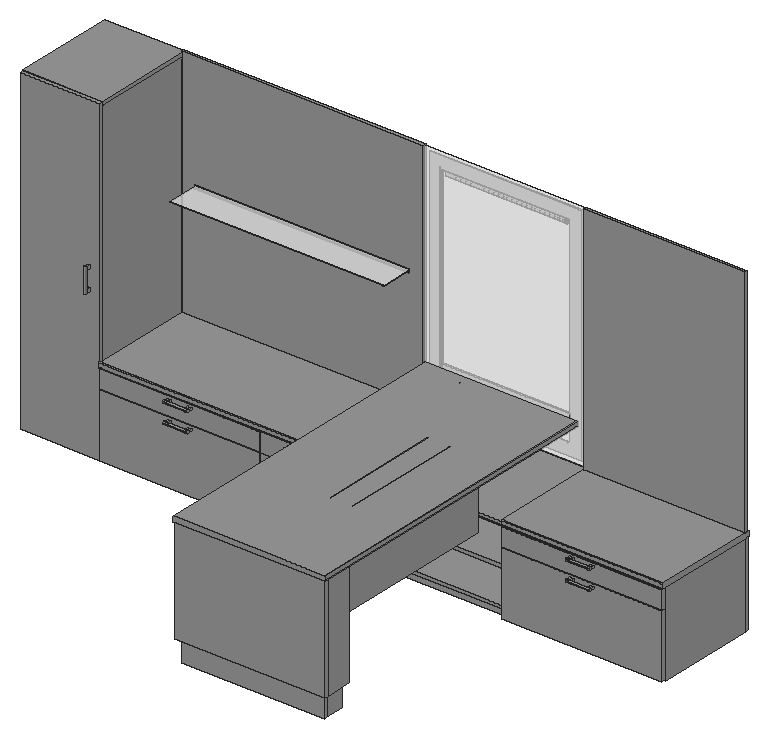
Revit family "JSI-Vision-Typical_Veneer-VSV122", category Furniture, Revit 2020 (continued)
Definition of nested family "JSI-Vision-Wall_Panel_Markerboard_Laminate-Glass_Shelf"
  Dimensions and locks (in)
    plane 5 to Extrusion 4 sketch curve to Extrusion 4 sketch curve to Extrusion 4 sketch curve to Extrusion 4 sketch curve to Extrusion 4 sketch curve to Extrusion 4 sketch curve to Extrusion 4 sketch curve to Extrusion 4 sketch curve to Extrusion 4 sketch curve to Extrusion 4 sketch curve to Extrusion 4 sketch curve to Extrusion 4 sketch curve to Extrusion 4 sketch curve to Extrusion 4 sketch curve to Extrusion 4 sketch curve to Extrusion 4 sketch curve to Extrusion 4 sketch curve to Extrusion 4 sketch curve = 4 1/8" locked, 5/8" locked, 1/4" locked, 0.10913" locked, 0.06025" locked, 0.06475" locked, 0.06025" locked, 0.06475" locked, 0.06025" locked, 0.06475" locked, 0.06025" locked, 0.06475" locked, 0.06025" locked, 0.06475" locked, 0.06025" locked, 0.06475" locked, 0.06025" locked, 0.08062" locked
    Extrusion 5 sketch curve to Extrusion 5 sketch curve to Extrusion 5 sketch curve to Extrusion 5 sketch curve = 0.075" locked, 0.02" locked, 0.105" locked  (x2)
    Extrusion 5 sketch curve to Extrusion 5 sketch curve to Extrusion 5 sketch curve to Extrusion 5 sketch curve to Extrusion 5 sketch curve to Extrusion 5 sketch curve to Extrusion 5 sketch curve to Extrusion 5 sketch curve to Extrusion 5 sketch curve to Extrusion 5 sketch curve to Extrusion 5 sketch curve to Extrusion 5 sketch curve to Extrusion 5 sketch curve to Extrusion 5 sketch curve to Extrusion 5 sketch curve to Extrusion 5 sketch curve to Extrusion 5 sketch curve to Extrusion 5 sketch curve to plane 5 = 5/8" locked, 1/4" locked, 0.10913" locked, 0.06025" locked, 0.06475" locked, 0.06025" locked, 0.06475" locked, 0.06025" locked, 0.06475" locked, 0.06025" locked, 0.06475" locked, 0.06025" locked, 0.06475" locked, 0.06025" locked, 0.06475" locked, 0.06025" locked, 0.08062" locked, 2 7/8" locked
    plane 8 to Extrusion 5 sketch curve to Extrusion 5 sketch curve to Extrusion 5 sketch curve to Extrusion 5 sketch curve to Extrusion 5 sketch curve to Extrusion 5 sketch curve to Extrusion 5 sketch curve to Extrusion 5 sketch curve to Extrusion 5 sketch curve to Extrusion 5 sketch curve to Extrusion 5 sketch curve to Extrusion 5 sketch curve to Extrusion 5 sketch curve to Extrusion 5 sketch curve to Extrusion 5 sketch curve to Extrusion 5 sketch curve to Extrusion 5 sketch curve to Extrusion 5 sketch curve = 3" locked, 5/8" locked, 1/4" locked, 0.10913" locked, 0.06025" locked, 0.06475" locked, 0.06025" locked, 0.06475" locked, 0.06025" locked, 0.06475" locked, 0.06025" locked, 0.06475" locked, 0.06025" locked, 0.06475" locked, 0.06025" locked, 0.06475" locked, 0.06025" locked, 0.08062" locked
    Extrusion 6 sketch curve to Extrusion 6 sketch curve to Extrusion 6 sketch curve to Extrusion 6 sketch curve = 0.075" locked, 0.02" locked, 0.105" locked  (x2)
    Extrusion 6 sketch curve to Extrusion 6 sketch curve to Extrusion 6 sketch curve to Extrusion 6 sketch curve to Extrusion 6 sketch curve to Extrusion 6 sketch curve to Extrusion 6 sketch curve to Extrusion 6 sketch curve to Extrusion 6 sketch curve to Extrusion 6 sketch curve to Extrusion 6 sketch curve to Extrusion 6 sketch curve to Extrusion 6 sketch curve to Extrusion 6 sketch curve to Extrusion 6 sketch curve to Extrusion 6 sketch curve to Extrusion 6 sketch curve to Extrusion 6 sketch curve = 0.08062" locked, 0.06025" locked, 0.06475" locked, 0.06025" locked, 0.06475" locked, 0.06025" locked, 0.06475" locked, 0.06025" locked, 0.06475" locked, 0.06025" locked, 0.06475" locked, 0.06025" locked, 0.06475" locked, 0.06025" locked, 0.10913" locked, 1/4" locked, 5/8" locked  (x2)
    "Overall Height": plane 5 to plane 4
    Extrusion 3 sketch curve to Extrusion 3 sketch curve to Extrusion 3 sketch curve to Extrusion 3 sketch curve to Extrusion 3 sketch curve to plane 9 to Extrusion 3 sketch curve to Extrusion 3 sketch curve to Extrusion 3 sketch curve to Extrusion 3 sketch curve to Extrusion 3 sketch curve = 0.47224", 0.07343", 0.4589", 0.15251", 0.1829", 0.1829", 0.15251", 0.4589", 0.07343", 0.47224"
    Extrusion 2 sketch curve to Extrusion 2 sketch curve to plane 9 to Extrusion 2 sketch curve to Extrusion 2 sketch curve = 0.03937" locked, 0.07874" locked, 0.07936" locked, 0.03875" locked
    "Dist Shelf": plane 10 to plane 8
    "Dist Shelf": plane 5 to plane 9
    locked: plane 3 "Center Left/Right" to Extrusion 8 at 3.0625
    locked: plane 6 to Extrusion 8 at 3.0625
    aligned and locked: level to plane 2
    aligned and locked: plane 3 "Center Left/Right" to Extrusion 1 sketch curve
    aligned and locked: plane 6 to Extrusion 1 sketch curve
    aligned and locked: Extrusion 1 to plane 6
    aligned and locked: Extrusion 1 to plane 3 "Center Left/Right"
    aligned and locked: Extrusion 1 to plane 8
    aligned and locked: Extrusion 3 sketch curve to Extrusion 3 sketch curve  (x2)
    aligned and locked: Extrusion 4 sketch curve to Extrusion 4 sketch curve  (x14)
    aligned and locked: Extrusion 5 sketch curve to Extrusion 5 sketch curve  (x14)
    aligned and locked: Extrusion 6 sketch curve to Extrusion 6 sketch curve  (x14)
    aligned and locked: curve 1 to Extrusion 1
    aligned and locked: curve 2 to Extrusion 1
    aligned and locked: curve 3 to Extrusion 1
    aligned and locked: curve 4 to Extrusion 1
    aligned and locked: Extrusion 8 sketch curve to Extrusion 8 sketch curve  (x2)
    aligned and locked: Extrusion 7 to Extrusion 2
  Automatic sketch dimensions
    plane 1 "Center Front/Back" to curve 8 = 0"
    curve 6 to plane 7 = 0"
    plane 3 "Center Left/Right" to curve 8 = 1"
    plane 3 "Center Left/Right" to curve 6 = 3 1/32"
    plane 6 to curve 6 = 3 1/32"
    plane 6 to curve 10 = 1"
    Extrusion 1 sketch curve to plane 8 = 0"
    Extrusion 1 sketch curve to plane 5 = 0"
    Extrusion 2 sketch curve to plane 7 = 0"
    plane 7 to Extrusion 2 sketch curve = 0.03875"  (x2)
    plane 1 "Center Front/Back" to Extrusion 2 sketch curve = 0.18812"
    plane 1 "Center Front/Back" to Extrusion 3 sketch curve = 0.99939"
    Extrusion 3 sketch curve to Extrusion 3 sketch curve = 0"
    Extrusion 3 sketch curve to Extrusion 3 sketch curve = 0.26706"  (x2)
    Extrusion 3 sketch curve to Extrusion 3 sketch curve = 0.16855"  (x2)
    plane 1 "Center Front/Back" to Extrusion 3 sketch curve = 0.2"  (x2)
    plane 1 "Center Front/Back" to Extrusion 3 sketch curve = 0.12906"
    Extrusion 3 sketch curve to Extrusion 3 sketch curve = 0.09512"  (x2)
    plane 1 "Center Front/Back" to Extrusion 3 sketch curve = 0.03647"
    Extrusion 4 sketch curve to plane 1 "Center Front/Back" = 0"  (x2)
    plane 1 "Center Front/Back" to Extrusion 4 sketch curve = 0.03197"  (x14)
    Extrusion 5 sketch curve to plane 1 "Center Front/Back" = 0"  (x2)
    Extrusion 5 sketch curve to Extrusion 5 sketch curve = 0.03197"  (x14)
    Extrusion 6 sketch curve to plane 1 "Center Front/Back" = 0"  (x2)
    Extrusion 6 sketch curve to Extrusion 6 sketch curve = 0.03197"  (x14)
    Extrusion 6 sketch curve to plane 5 = 2 7/8"
    plane 8 to Extrusion 6 sketch curve = 4 7/8"
    Extrusion 7 sketch curve to plane 7 = 0"
    plane 7 to Extrusion 7 sketch curve = 0.03875"  (x2)
    plane 1 "Center Front/Back" to Extrusion 7 sketch curve = 0.18812"
    Extrusion 7 sketch curve to plane 10 = 0.11811"
    Extrusion 7 sketch curve to Extrusion 7 sketch curve = 0.03875"
    plane 10 to Extrusion 7 sketch curve = 0.07874"
    plane 10 to Extrusion 7 sketch curve = 0.11811"
    plane 10 to Extrusion 8 sketch curve = 0.1829"
    plane 1 "Center Front/Back" to Extrusion 8 sketch curve = 0.99939"
    Extrusion 8 sketch curve to plane 10 = 0.1829"
    Extrusion 8 sketch curve to Extrusion 8 sketch curve = 0"
    Extrusion 8 sketch curve to Extrusion 8 sketch curve = 0.26706"  (x2)
    Extrusion 8 sketch curve to Extrusion 8 sketch curve = 0.16855"  (x2)
    plane 1 "Center Front/Back" to Extrusion 8 sketch curve = 0.2"  (x2)
    plane 1 "Center Front/Back" to Extrusion 8 sketch curve = 0.12906"
    Extrusion 8 sketch curve to Extrusion 8 sketch curve = 0.09512"  (x2)
    plane 1 "Center Front/Back" to Extrusion 8 sketch curve = 0.03647"
    Extrusion 8 sketch curve to Extrusion 8 sketch curve = 0.15251"  (x2)
    Extrusion 8 sketch curve to Extrusion 8 sketch curve = 0.4589"  (x2)
    Extrusion 8 sketch curve to Extrusion 8 sketch curve = 0.07343"  (x2)
    Extrusion 8 sketch curve to Extrusion 8 sketch curve = 0.47224"  (x2)
Definition of nested family "JSI-Vision-Filler_Back_Panel_for_Bench_Height"
  Parameters (values of type "VSTB0419MBK, Filler Back Panel for Bench Height 18 3/4"H, 4"W")
    Width = 4"
    URL = "www.jsifurniture.com"
    Type Comments = ""
    Series = "Vision Casegoods"  # constant formula
    Back Finish = none
    Model = "VSTB0419MBK"
    Material = ""
    Manufacturer = "JSI"  # constant formula
    Keynote = "12500"  # constant formula
    JSI Enviromental Website = "http://www.jsifurniture.com/jsi_sustainability_intro.php"
    Height = 18 3/4"
    Description = "Filler Back Panel Laminate for Bench Height 3/4\"D x 18 3/4\"H x 4\"W"
    Depth = 3/4"
    Default Elevation = 0"
    Assembly Code = "E2020200"
  Types (2): name | Model | Description
    VSTB0419MBK, Filler Back Panel for Bench Height 18 3/4"H, 4"W | "VSTB0419MBK" | "Filler Back Panel Laminate for Bench Height 3/4\"D x 18 3/4\"H x 4\"W"
    VSVB0419MBK, Filler Back Panel for Bench Height 18 3/4"H, 4"W | "VSVB0419MBK" | "Filler Back Panel Veneer for Bench Height 3/4\"D x 18 3/4\"H x 4\"W"
  Reference planes (in)
    plane 1 "Center Front/Back": y = 0
    plane 2: z = 0
    plane 3 "Center Left/Right": x = 0
    plane 4: z = 0
    plane 5: x = 4
    plane 6: z = 18.75
    plane 7: y = -0.75
  Forms (in)
    Extrusion 1, solid, material <- "Back Finish"
      sketch origin (0, 1.5625, 0) x (1, 0, 0) y (0, 1, 0)
        loop
          line (0, -1.5625) -> (0, -2.3125) -> (4, -2.3125) -> (4, -1.5625) -> (0, -1.5625)
      from 0 to 18.75
  Lines and regions (in)
    symbolic lines
      curve 1: line (0, 0, 0) -> (4, 0, 0)
      curve 2: line (0, -0.75, 0) -> (0, 0, 0)
      curve 3: line (4, -0.75, 0) -> (0, -0.75, 0)
      curve 4: line (4, 0, 0) -> (4, -0.75, 0)
  Dimensions and locks (in)
    "Height": plane 6 to plane 4
    "Depth": plane 7 to plane 1 "Center Front/Back"
    "Width": plane 3 "Center Left/Right" to plane 5
    aligned and locked: level to plane 2
    aligned and locked: plane 6 to Extrusion 1
    aligned and locked: Extrusion 1 to plane 7
    aligned and locked: Extrusion 1 to plane 3 "Center Left/Right"
    aligned and locked: Extrusion 1 to plane 4
    aligned and locked: plane 5 to Extrusion 1
    aligned and locked: curve 1 to Extrusion 1
    aligned and locked: curve 2 to Extrusion 1
    aligned and locked: curve 3 to Extrusion 1
    aligned and locked: curve 4 to Extrusion 1
    aligned and locked: Extrusion 1 to plane 1 "Center Front/Back"
  Automatic sketch dimensions
    Extrusion 1 sketch curve to plane 3 "Center Left/Right" = 0"
    Extrusion 1 sketch curve to plane 5 = 0"
    Extrusion 1 sketch curve to plane 7 = 0"
    Extrusion 1 sketch curve to Extrusion 1 sketch curve = 3/4"
